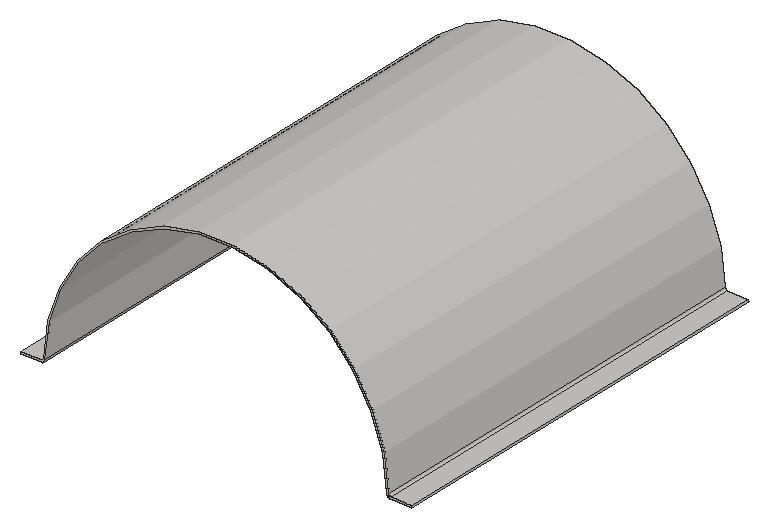
Revit family "PRD_FrankeWS_SlbUrnls_SiphonCoverplateForTroughUrinal_ZCMPX0010", category Furniture, host Face, Revit 2018
Family settings
  Host = Face
  OmniClass Number = 23.40.20.00
  OmniClass Title = General Furniture and Specialties
  Cut with Voids When Loaded = No
  Shared = No
  Room Calculation Point = No
Parameters (values of type "ZCMPX0010")
  WarrantyStartDate [instance] = "1900-12-31T23:59:59"
  WarrantyGuarantorParts = "n/a"
  WarrantyGuarantorLabor = "n/a"
  WarrantyDurationUnit = "year"
  WarrantyDurationParts = "n/a"
  WarrantyDurationLabor = "n/a"
  WarrantyDescription = "n/a"
  Version = "1"
  Uniclass2015Version = "Products v1.5"
  Uniclass2015Title = "Slab urinals"
  Uniclass2015Code = "Pr_40_20_93_77"
  URL = "www.kwc.com"
  TagNumber [instance] = "n/a"
  SustainabilityPerformance = "n/a"
  Size = "n/a"
  Shape = "n/a"
  SerialNumber [instance] = "n/a"
  Revision = "n/a"
  ReplacementCost = "n/a"
  Reference = "n/a"
  ProductInformation = "https://pim.kwc.com/product/2000102739/attachment/datasheet?locale=en"
  NominalWidth = 150.00 mm
  NominalLength = 340.00 mm
  NominalHeight = 365.00 mm
  Name = "Siphon coverplate for trough urinal ZCMPX0010"
  NBSTypeID = "n/a"
  NBSReference = "45-35-70/352"
  NBSOfficeMasterTag = "n/a"
  NBSNote = "n/a"
  NBSDescription = "Urinal assembly"
  NBSCertification = "n/a"
  ModelReference = "ZCMPX0010"
  ModelNumber = "2000102739"
  Model = ModelReference  # "ZCMPX0010"
  Material = "Stainless steel"
  ManufacturerURL = "www.kwc.com"
  ManufacturerName = "KWC Group AG"  # constant formula
  Manufacturer = ManufacturerName  # "KWC Group AG"
  InstallationDate [instance] = "1900-12-31T23:59:59"
  IfcExportType = "NOTDEFINED"
  IfcExportAs = "IfcBuildingElementProxy"
  Grade = "n/a"
  Finish = "Satin finished"
  Features = "stainless steel, surface satin finished, material thickness 1,5 mm"
  ExpectedLife = "n/a"
  DurationUnit = "year"
  Description = "Siphon coverplate for trough urinal CMPX551 - CMPX555, stainless steel, surface satin finished, material thickness 1,5 mm. To cover the Siphon under the trough urinal."
  Default Elevation = 535.00 mm
  CoverplateMaterial = PRD_AR_StainlessSteel_SatinFinished
  Constituents = "n/a"
  Color = "Stainless steel"
  CodePerformance = "n/a"
  Category = "Pr_40_20_93_77, Slab urinals"
  BarCode [instance] = "n/a"
  BIMObjectName = "PRD_AR_SlabUrinals_SiphonCoverplateForTroughUrinal_ZCMPX0010"
  Author = "Archispace"  # constant formula
  AssetType = "Fixed"
  AssetIdentifier [instance] = "n/a"
  AccessibilityPerformance = "n/a"
Reference planes
  plane 1 "Center (Front/Back)": y = 0
  plane 2: z = 0
  plane 3 "Center (Left/Right)": x = 0
Forms (mm)
  Extrusion 1, solid, material "PRD_AR_StainlessSteel_SatinFinished" <- "CoverplateMaterial", detail levels fine
    sketch origin (0, 0, 0) x (1, 0, 0) y (0, 0, 1)
      loop
        arc (-151.715, 0) -> (-149.442, 0.927) -> (-148.466, 3.18) r 3.25
        arc (-148.466, 3.18) -> (0, 148.5) -> (148.466, 3.18) r 148.5
        arc (148.466, 3.18) -> (149.442, 0.927) -> (151.715, 0) r 3.25
        line (151.715, 0) -> (170, 0) -> (170, 1.5) -> (151.715, 1.5)
        arc (151.715, 1.5) -> (150.491, 1.999) -> (149.966, 3.213) r 1.75
        arc (149.966, 3.213) -> (0, 150) -> (-149.966, 3.213) r 150
        arc (-149.966, 3.213) -> (-150.491, 1.999) -> (-151.715, 1.5) r 1.75
        line (-151.715, 1.5) -> (-170, 1.5) -> (-170, 0) -> (-151.715, 0)
    from 0 to 365
  Extrusion 2, solid, material "PRD_AR_StainlessSteel_SatinFinished" <- "CoverplateMaterial", detail levels coarse+medium
    sketch origin (0, 0, 0) x (1, 0, 0) y (0, 0, 1)
      loop
        arc (149.992, 1.5) -> (0, 150) -> (-149.992, 1.5) r 150
        line (-149.992, 1.5) -> (-170, 1.5) -> (-170, 0) -> (170, 0) -> (170, 1.5) -> (149.992, 1.5)
    from 0 to 365
Dimensions and locks
  aligned and locked: plane 2 to host face
  aligned and locked: level to host face
